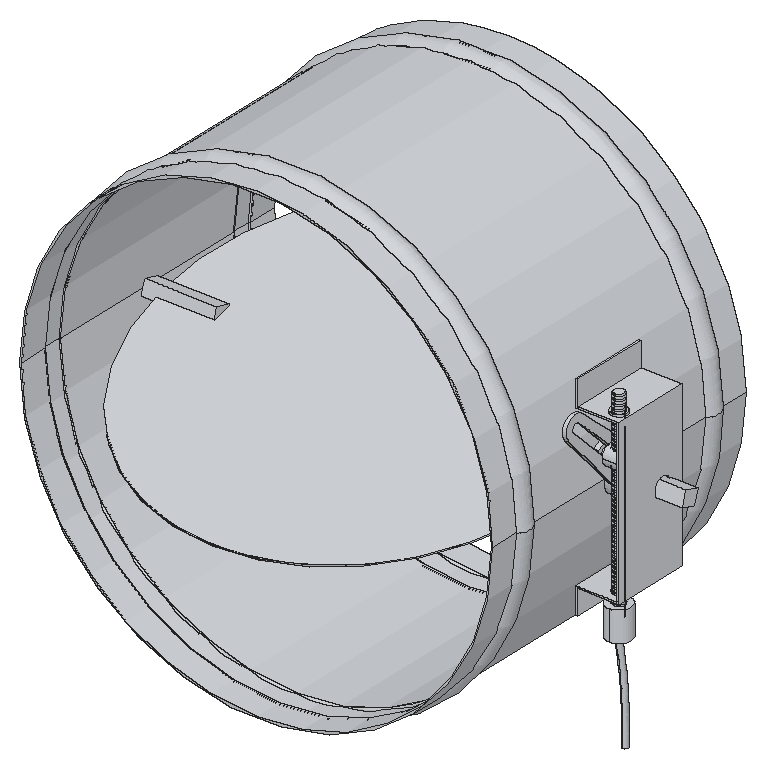
Revit family "RD-RC", category Mechanical Equipment, Revit 2015
Parameters
  Void Radius [instance] = Radius - 0' 0 5/256"  # 0' - 5 251/256"
  URL = "http://unitedenertech.com/catalog/pdf/E_15%20Model%20RD-RC.pdf"
  Type Comments = "Max. Size is (20\" Diameter)"
  Radius [instance] = 0.5 * Exact Diameter  # 0' - 6"
  Model = "RD-RC"
  Manufacturer = "United Enertech Corporation"
  Keynote = "Shaft options set to visibility parameters, correct shaft and size will appear when loaded into project."
  Inner Radius [instance] = Radius - 0' 0 9/256"  # 0' - 5 247/256"
  Exact Diameter = 1' - 0"
  Description = "Round Single Blade Twisting Cable System Damper"
  Depth = 0' - 8"
  Blade Radius [instance] = Inner Radius - 0' 0 3/8"  # 0' - 5 151/256"
  3/8" Pin Visibility [instance] = if(Exact Diameter < 1' 3 251/256", 2 > 1, 1 > 2)  # yes
  1/2" Shaft Visibility [instance] = if(Exact Diameter > 1' 3 251/256", 2 > 1, 1 > 2)  # no
Reference planes (in)
  plane 1 "Center (Front/Back)": y = 0
  plane 2: z = 0
  plane 3 "Center (Left/Right)": x = 0
  plane 4: x = -6
  plane 5: x = 6
  plane 6: y = 8
  plane 7: y = 7
  plane 8: y = 1
  plane 9: x = -6.6
  plane 10: x = -4.1
  plane 11: x = 4.1
  plane 12: x = 7.7908
  plane 13: x = 8.60359
Forms (in)
  Extrusion 1, solid
    sketch origin (0, 0, 0) x (1, 0, 0) y (0, 0, 1)
      loop
        circle (0, 0) r 6
      loop
        circle (0, 0) r 5.96484
    from 0 to -8
  Sweep 2, solid
    path origin (0, 1, 0) x (1, 0, 0) y (0, 0, 1)
      loop
        circle (0, 0) r 6
    profile "Bead Sweep : Bead Sweep" origin (0, 1, 6) x (0, 0, -1) y (0, -1, 0)
      loop
        arc (0, 0.279) -> (-0.12, 0) -> (0, -0.279) r 0.38434
        line (0, -0.279) -> (0, 0.279)
  Sweep 3, solid
    path origin (0, 7, 0) x (1, 0, 0) y (0, 0, 1)
      loop
        circle (0, 0) r 6
    profile "Bead Sweep : Bead Sweep" origin (0, 7, 6) x (0, 0, -1) y (0, -1, 0)
      loop
        arc (0, 0.279) -> (-0.12, 0) -> (0, -0.279) r 0.38434
        line (0, -0.279) -> (0, 0.279)
  Sweep 4, void
    path origin (0, 1, 0) x (1, 0, 0) y (0, 0, 1)
      loop
        circle (0, 0) r 5.98047
    profile "Bead Void Sweep : Bead Void Sweep" origin (0, 1, 5.98047) x (0, 0, -1) y (0, -1, 0)
      loop
        arc (0.15416, 0.3555) -> (-0.0841, 0) -> (0.15416, -0.3555) r 0.38434
        line (0.15416, -0.3555) -> (0.15416, 0.3555)
  Sweep 5, void
    path origin (0, 7, 0) x (1, 0, 0) y (0, 0, 1)
      loop
        circle (0, 0) r 5.98047
    profile "Bead Void Sweep : Bead Void Sweep" origin (0, 7, 5.98047) x (0, 0, -1) y (0, -1, 0)
      loop
        arc (0.15416, 0.3555) -> (-0.0841, 0) -> (0.15416, -0.3555) r 0.38434
        line (0.15416, -0.3555) -> (0.15416, 0.3555)
  Extrusion 6, solid
    sketch origin (0, 2.96472, 3.8637) x (1, 0, 0) y (0, 0.965926, 0.258819)
      loop
        circle (0, 0) r 5.58984
    from -4.01795 to -3.98205
  Extrusion 7, solid, visible <- "3/8" Pin Visibility"
    sketch origin (-15.25, -8.52876, 10.61619) x (0, 0.961262, -0.275637) y (0, 0.275637, 0.961262)
      loop
        line (15.15714, -6.93904) -> (15.15714, -6.56404) -> (14.78214, -6.56404) -> (14.78214, -6.93904) -> (15.15714, -6.93904)
    from 8.65 to 11.15
  Extrusion 8, solid, visible <- "3/8" Pin Visibility"
    sketch origin (11.25, -8.15063, 11.04697) x (0, 0.951057, -0.309017) y (0, 0.309017, 0.951057)
      loop
        line (15.15714, -6.93904) -> (15.15714, -6.56404) -> (14.78214, -6.56404) -> (14.78214, -6.93904) -> (15.15714, -6.93904)
    from -7.15 to -3.4592
  Extrusion 9, solid, visible <- "1/2" Shaft Visibility"
    sketch origin (0, 0, 0) x (0, 1, 0) y (0, 0, 1)
      loop
        circle (4, 0) r 0.25
    from -6.6 to 7.7908
Cuts and joins
  Sweep 4, Sweep 5 cuts Extrusion 1
  Sweep 5 cuts Sweep 2
Dimensions and locks (in)
  equal spacing: plane 4, plane 3 "Center (Left/Right)", plane 5
  "Exact Diameter": plane 4 to plane 5
  "Depth": plane 6 to plane 1 "Center (Front/Back)"
  locked: plane 8 to plane 1 "Center (Front/Back)" at 1
  locked: plane 6 to plane 7 at 1
  locked: plane 9 to plane 4 at 0.6
  locked: plane 4 to plane 10 at 1.9
  locked: plane 11 to plane 5 at 1.9
  locked: plane 13 to plane 12 at 0.81279
  locked: plane 5 to plane 12 at 1.7908
  "Inner Radius": radius of Extrusion 1 sketch curve
  "Radius": radius of Extrusion 1 sketch curve
  "Radius": radius of Sweep 2 sketch curve
  "Radius": radius of Sweep 3 sketch curve
  "Void Radius": radius of Sweep 4 sketch curve
  "Void Radius": radius of Sweep 5 sketch curve
  "Blade Radius": radius of Extrusion 6 sketch curve
  aligned and locked: level to plane 2
  aligned and locked: plane 6 to Extrusion 1
  aligned and locked: plane 1 "Center (Front/Back)" to Extrusion 1
  aligned and locked: plane 10 to Extrusion 7
  aligned and locked: plane 9 to Extrusion 7
  aligned and locked: plane 11 to Extrusion 8
  aligned and locked: plane 9 to Extrusion 9
  aligned and locked: plane 12 to Extrusion 9
  aligned and locked: plane 12 to Extrusion 8
  aligned and locked: nested 1 to plane 5
Automatic sketch dimensions
  Extrusion 9 sketch curve to level = 0' - 0"
  plane 7 to Extrusion 9 sketch curve = 0' - 3"
  Extrusion 7 sketch curve to level = 0' - 0.12855"
  Extrusion 7 sketch curve to plane 8 = 0' - 2.76808"
  Extrusion 7 sketch curve to Extrusion 7 sketch curve = 0' - 0 3/8"  (x2)
  Extrusion 8 sketch curve to level = 0' - 0.12038"
  Extrusion 8 sketch curve to plane 8 = 0' - 2.76374"
  Extrusion 8 sketch curve to Extrusion 8 sketch curve = 0' - 0 3/8"  (x2)
  Extrusion 1 sketch curve to Extrusion 1 sketch curve = 0' - 0"  (x2)
  Extrusion 1 sketch curve to level = 0' - 0"
  Extrusion 1 sketch curve to plane 3 "Center (Left/Right)" = 0' - 0"
  Sweep 2 sketch curve to level = 0' - 0"
  Sweep 2 sketch curve to plane 3 "Center (Left/Right)" = 0' - 0"
  Sweep 3 sketch curve to level = 0' - 0"
  Sweep 3 sketch curve to plane 3 "Center (Left/Right)" = 0' - 0"
  Sweep 4 sketch curve to level = 0' - 0"
  Sweep 4 sketch curve to plane 3 "Center (Left/Right)" = 0' - 0"
  Sweep 5 sketch curve to level = 0' - 0"
  Sweep 5 sketch curve to plane 3 "Center (Left/Right)" = 0' - 0"
  Extrusion 6 sketch curve to plane 3 "Center (Left/Right)" = 0' - 0"
  radius of Extrusion 9 sketch curve = 0' - 0 1/4"
Nested families (in)
  nested 1: "Twisting Cable Remote Controller" at (4.5478, 1.375, -3.8125) x (0, 1, 0) z (0, 0, 1), type "Twisting Cable Remote Controller"
Definition of nested family "Twisting Cable Remote Controller"
  Reference planes (in)
    plane 1 "Center (Front/Back)": y = 0
    plane 2: z = 0
    plane 3 "Center (Left/Right)": x = 0
  Forms (in)
    Extrusion 1, solid
      sketch origin (3.25, 0.77753, -2.67197) x (0, 0, 1) y (0, 1, 0)
        loop
          line (9.17197, -2.27753) -> (9.17197, -2.22973) -> (8.5001, -2.22973) -> (8.5001, -3.27085) -> (4.46885, -3.27085) -> (4.46885, -2.22973) -> (3.79697, -2.22973) -> (3.79697, -2.27753) -> (4.42197, -2.27753) -> (4.42197, -3.31773) -> (8.54697, -3.31773) -> (8.54697, -2.27753) -> (9.17197, -2.27753)
      from 0 to 2
    Extrusion 2, void
      sketch origin (0, 0, 0) x (1, 0, 0) y (0, 0, 1)
        loop
          circle (2.625, 3.8125) r 0.25
      from 2.2129 to 2.75
    Extrusion 3, solid
      sketch origin (1.0963, -0.06691, 0) x (1, 0, 0) y (0, 1, 0)
        loop
          circle (0.50222, -2.19637) r 0.12619
      from 1.22543 to 6.33488
    Extrusion 4, solid
      sketch origin (1.0963, -0.06691, 0) x (1, 0, 0) y (0, 1, 0)
        loop
          circle (0.50222, -2.19637) r 0.14302
      from 6.24722 to 6.29118
    Extrusion 5, solid
      sketch origin (3.12492, -2.07462, 1.54466) x (1, 0, 0) y (0, 0, 1)
        loop
          circle (-1.52717, 3.29503) r 0.25
      from -0.02967 to 0.39863
    Extrusion 6, void
      sketch origin (3.12492, -0.06725, 1.54466) x (1, 0, 0) y (0, 1, 0)
        loop
          circle (-1.52717, -2.19637) r 0.15291
      from 3.01275 to 3.62791
    Extrusion 7, solid
      sketch origin (3.12492, -2.07462, 1.54466) x (1, 0, 0) y (0, 0, 1)
        loop
          circle (-1.52717, 3.29503) r 0.125
      from -0.02967 to -0.16901
    Extrusion 8, solid
      sketch origin (1.0963, -0.06691, -0.11555) x (1, 0, 0) y (0, 1, 0)
        loop
          circle (0.50222, -2.19637) r 0.14302
      from 6.24722 to 6.29118
    Extrusion 9, solid
      sketch origin (1.0963, -0.06691, -0.2311) x (1, 0, 0) y (0, 1, 0)
        loop
          circle (0.50222, -2.19637) r 0.14302
      from 6.24722 to 6.29118
    Extrusion 10, solid
      sketch origin (1.0963, -0.06691, -0.34666) x (1, 0, 0) y (0, 1, 0)
        loop
          circle (0.50222, -2.19637) r 0.14302
      from 6.24722 to 6.29118
    Extrusion 11, solid
      sketch origin (1.0963, -0.06691, -0.46221) x (1, 0, 0) y (0, 1, 0)
        loop
          circle (0.50222, -2.19637) r 0.14302
      from 6.24722 to 6.29118
    Extrusion 12, solid
      sketch origin (1.0963, -0.06691, -0.57776) x (1, 0, 0) y (0, 1, 0)
        loop
          circle (0.50222, -2.19637) r 0.14302
      from 6.24722 to 6.29118
    Extrusion 13, solid
      sketch origin (1.0963, -0.06691, -0.69331) x (1, 0, 0) y (0, 1, 0)
        loop
          circle (0.50222, -2.19637) r 0.14302
      from 6.24722 to 6.29118
    Extrusion 14, solid
      sketch origin (1.0963, -0.06691, -0.80887) x (1, 0, 0) y (0, 1, 0)
        loop
          circle (0.50222, -2.19637) r 0.14302
      from 6.24722 to 6.29118
    Extrusion 15, solid
      sketch origin (1.0963, -0.06691, -0.92442) x (1, 0, 0) y (0, 1, 0)
        loop
          circle (0.50222, -2.19637) r 0.14302
      from 6.24722 to 6.29118
    Extrusion 16, solid
      sketch origin (1.0963, -0.06691, -1.03997) x (1, 0, 0) y (0, 1, 0)
        loop
          circle (0.50222, -2.19637) r 0.14302
      from 6.24722 to 6.29118
    Extrusion 17, solid
      sketch origin (1.0963, -0.06691, -1.15552) x (1, 0, 0) y (0, 1, 0)
        loop
          circle (0.50222, -2.19637) r 0.14302
      from 6.24722 to 6.29118
    Extrusion 18, solid
      sketch origin (1.0963, -0.06691, -1.27108) x (1, 0, 0) y (0, 1, 0)
        loop
          circle (0.50222, -2.19637) r 0.14302
      from 6.24722 to 6.29118
    Extrusion 19, solid
      sketch origin (1.0963, -0.06691, -1.38663) x (1, 0, 0) y (0, 1, 0)
        loop
          circle (0.50222, -2.19637) r 0.14302
      from 6.24722 to 6.29118
    Extrusion 20, solid
      sketch origin (1.0963, -0.06691, -1.50218) x (1, 0, 0) y (0, 1, 0)
        loop
          circle (0.50222, -2.19637) r 0.14302
      from 6.24722 to 6.29118
    Extrusion 21, solid
      sketch origin (1.0963, -0.06691, -1.61773) x (1, 0, 0) y (0, 1, 0)
        loop
          circle (0.50222, -2.19637) r 0.14302
      from 6.24722 to 6.29118
    Extrusion 22, solid
      sketch origin (1.0963, -0.06691, -1.73329) x (1, 0, 0) y (0, 1, 0)
        loop
          circle (0.50222, -2.19637) r 0.14302
      from 6.24722 to 6.29118
    Extrusion 23, solid
      sketch origin (1.0963, -0.06691, -1.84884) x (1, 0, 0) y (0, 1, 0)
        loop
          circle (0.50222, -2.19637) r 0.14302
      from 6.24722 to 6.29118
    Extrusion 24, solid
      sketch origin (1.0963, -0.06691, -1.96439) x (1, 0, 0) y (0, 1, 0)
        loop
          circle (0.50222, -2.19637) r 0.14302
      from 6.24722 to 6.29118
    Extrusion 25, solid
      sketch origin (1.0963, -0.06691, -2.07994) x (1, 0, 0) y (0, 1, 0)
        loop
          circle (0.50222, -2.19637) r 0.14302
      from 6.24722 to 6.29118
    Extrusion 26, solid
      sketch origin (1.0963, -0.06691, -2.1955) x (1, 0, 0) y (0, 1, 0)
        loop
          circle (0.50222, -2.19637) r 0.14302
      from 6.24722 to 6.29118
    Extrusion 27, solid
      sketch origin (1.0963, -0.06691, -2.31105) x (1, 0, 0) y (0, 1, 0)
        loop
          circle (0.50222, -2.19637) r 0.14302
      from 6.24722 to 6.29118
    Extrusion 28, solid
      sketch origin (1.0963, -0.06691, -2.4266) x (1, 0, 0) y (0, 1, 0)
        loop
          circle (0.50222, -2.19637) r 0.14302
      from 6.24722 to 6.29118
    Extrusion 29, solid
      sketch origin (1.0963, -0.06691, -2.54215) x (1, 0, 0) y (0, 1, 0)
        loop
          circle (0.50222, -2.19637) r 0.14302
      from 6.24722 to 6.29118
    Extrusion 30, solid
      sketch origin (1.0963, -0.06691, -2.65771) x (1, 0, 0) y (0, 1, 0)
        loop
          circle (0.50222, -2.19637) r 0.14302
      from 6.24722 to 6.29118
    Extrusion 31, solid
      sketch origin (1.0963, -0.06691, -2.77326) x (1, 0, 0) y (0, 1, 0)
        loop
          circle (0.50222, -2.19637) r 0.14302
      from 6.24722 to 6.29118
    Extrusion 32, solid
      sketch origin (1.0963, -0.06691, -2.88881) x (1, 0, 0) y (0, 1, 0)
        loop
          circle (0.50222, -2.19637) r 0.14302
      from 6.24722 to 6.29118
    Extrusion 33, solid
      sketch origin (1.0963, -0.06691, -3.00436) x (1, 0, 0) y (0, 1, 0)
        loop
          circle (0.50222, -2.19637) r 0.14302
      from 6.24722 to 6.29118
    Extrusion 34, solid
      sketch origin (1.0963, -0.06691, -3.11992) x (1, 0, 0) y (0, 1, 0)
        loop
          circle (0.50222, -2.19637) r 0.14302
      from 6.24722 to 6.29118
    Extrusion 35, solid
      sketch origin (1.0963, -0.06691, -3.23547) x (1, 0, 0) y (0, 1, 0)
        loop
          circle (0.50222, -2.19637) r 0.14302
      from 6.24722 to 6.29118
    Extrusion 36, solid
      sketch origin (1.0963, -0.06691, -3.35102) x (1, 0, 0) y (0, 1, 0)
        loop
          circle (0.50222, -2.19637) r 0.14302
      from 6.24722 to 6.29118
    Extrusion 37, solid
      sketch origin (1.0963, -0.06691, -3.46657) x (1, 0, 0) y (0, 1, 0)
        loop
          circle (0.50222, -2.19637) r 0.14302
      from 6.24722 to 6.29118
    Extrusion 38, solid
      sketch origin (1.0963, -0.06691, -3.58213) x (1, 0, 0) y (0, 1, 0)
        loop
          circle (0.50222, -2.19637) r 0.14302
      from 6.24722 to 6.29118
    Extrusion 39, solid
      sketch origin (1.0963, -0.06691, -3.69768) x (1, 0, 0) y (0, 1, 0)
        loop
          circle (0.50222, -2.19637) r 0.14302
      from 6.24722 to 6.29118
    Extrusion 40, solid
      sketch origin (1.0963, -0.06691, -3.81323) x (1, 0, 0) y (0, 1, 0)
        loop
          circle (0.50222, -2.19637) r 0.14302
      from 6.24722 to 6.29118
    Extrusion 41, solid
      sketch origin (1.0963, -0.06691, -3.92878) x (1, 0, 0) y (0, 1, 0)
        loop
          circle (0.50222, -2.19637) r 0.14302
      from 6.24722 to 6.29118
    Extrusion 42, solid
      sketch origin (1.0963, -0.06691, -4.04434) x (1, 0, 0) y (0, 1, 0)
        loop
          circle (0.50222, -2.19637) r 0.14302
      from 6.24722 to 6.29118
    Extrusion 43, solid
      sketch origin (1.0963, -0.06691, -4.15989) x (1, 0, 0) y (0, 1, 0)
        loop
          circle (0.50222, -2.19637) r 0.14302
      from 6.24722 to 6.29118
    Extrusion 44, solid
      sketch origin (1.0963, -0.06691, -4.27544) x (1, 0, 0) y (0, 1, 0)
        loop
          circle (0.50222, -2.19637) r 0.14302
      from 6.24722 to 6.29118
    Extrusion 45, solid
      sketch origin (1.0963, -0.06691, -4.39099) x (1, 0, 0) y (0, 1, 0)
        loop
          circle (0.50222, -2.19637) r 0.14302
      from 6.24722 to 6.29118
    Extrusion 46, solid
      sketch origin (1.0963, -0.06691, -4.50655) x (1, 0, 0) y (0, 1, 0)
        loop
          circle (0.50222, -2.19637) r 0.14302
      from 6.24722 to 6.29118
    Extrusion 47, solid
      sketch origin (1.0963, -0.06691, -4.6221) x (1, 0, 0) y (0, 1, 0)
        loop
          circle (0.50222, -2.19637) r 0.14302
      from 6.24722 to 6.29118
    Extrusion 48, solid
      sketch origin (1.0963, -0.06691, -4.73765) x (1, 0, 0) y (0, 1, 0)
        loop
          circle (0.50222, -2.19637) r 0.14302
      from 6.24722 to 6.29118
    Extrusion 49, solid
      sketch origin (1.0963, -0.06691, -4.8532) x (1, 0, 0) y (0, 1, 0)
        loop
          circle (0.50222, -2.19637) r 0.14302
      from 6.24722 to 6.29118
    Extrusion 50, solid
      sketch origin (1.0963, -0.06691, -4.96876) x (1, 0, 0) y (0, 1, 0)
        loop
          circle (0.50222, -2.19637) r 0.14302
      from 6.24722 to 6.29118
    Extrusion 51, solid
      sketch origin (-7.79124, -1.93477, 1.74952) x (1, 0, 0) y (0, 0, 1)
        loop
          arc (8.53426, 4.37104) -> (8.11019, 4.3531) -> (8.09518, 3.9289) r 0.3125
          line (8.09518, 3.9289) -> (8.97874, 2.93161) -> (10.03746, 1.7366)
          arc (10.03746, 1.7366) -> (10.77101, 1.71066) -> (10.73998, 2.44402) r 0.5
          line (10.73998, 2.44402) -> (8.97874, 3.98273) -> (8.53426, 4.37104)
        loop
          arc (8.42707, 4.22161) -> (8.24323, 4.22098) -> (8.24386, 4.03713) r 0.13
          line (8.24386, 4.03713) -> (8.97874, 3.30733) -> (9.74457, 2.54679)
          arc (9.74457, 2.54679) -> (9.92842, 2.54743) -> (9.92778, 2.73128) r 0.13
          line (9.92778, 2.73128) -> (8.97874, 3.67376) -> (8.42707, 4.22161)
        loop
          circle (10.41624, 2.06298) r 0.3125
      from 0 to 0.09
    Extrusion 52, solid
      sketch origin (-9.87435, -1.43477, 1.74952) x (1, 0, 0) y (0, 0, 1)
        loop
          circle (12.49935, 2.06298) r 0.5
        loop
          circle (12.49935, 2.06298) r 0.25
      from 0.01743 to 0.5
    Extrusion 53, solid
      sketch origin (0, -1.78061, 0) x (1, 0, 0) y (0, 0, 1)
        loop
          line (1.41102, 4.72603) -> (1.59852, 4.61778) -> (1.78602, 4.72603) -> (1.78602, 4.94254) -> (1.59852, 5.05079) -> (1.41102, 4.94254) -> (1.41102, 4.72603)
      from 0 to 0.125
    Extrusion 54, void
      sketch origin (0, 0, 0) x (1, 0, 0) y (0, 1, 0)
        loop
          circle (1.59852, -2.26327) r 0.15208
      from 1.66908 to 6.5
    Extrusion 55, solid
      sketch origin (-2.75, 0, 1.71025) x (1, 0, 0) y (0, 1, 0)
        loop
          circle (4.34852, -2.26327) r 0.19908
      from 0 to 0.03975
    Extrusion 56, solid
      sketch origin (-2.75, 0, 1.75) x (1, 0, 0) y (0, 1, 0)
        loop
          circle (4.34852, -2.26327) r 0.15591
      from 0 to 0.075
    Extrusion 57, void
      sketch origin (-2.75, 0, 0) x (1, 0, 0) y (0, 1, 0)
        loop
          circle (4.34852, -2.26327) r 0.12619
      from 1.68939 to 1.83522
    Extrusion 58, solid
      sketch origin (-2.75, 0, 5.875) x (0, -1, 0) y (1, 0, 0)
        loop
          circle (2.26327, 4.34852) r 0.19908
      from 0 to 0.03975
    Extrusion 59, solid
      sketch origin (-2.75, 0, 5.8) x (0, -1, 0) y (1, 0, 0)
        loop
          circle (2.26327, 4.34852) r 0.15591
      from 0 to 0.075
    Extrusion 60, solid
      sketch origin (0, 0, 0.7875) x (1, 0, 0) y (0, 1, 0)
        loop
          circle (1.59852, -2.26327) r 0.15591
        loop
          circle (1.59852, -2.26327) r 0.30572
      from 0 to 0.75
    Sweep 61, solid
      path in 3D
        loop
          spline (1.58593, -2.25, 0.98408) -> (1.59501, -2.25, 0.77809) -> (1.6201, -2.25, 0.61024) -> (1.65216, -2.25, 0.44412) -> (1.6863, -2.25, 0.26253) -> (1.72006, -2.25, 0.05959) -> (1.751, -2.25, -0.17045) -> (1.77669, -2.25, -0.43331) -> (1.79493, -2.25, -0.73277) -> (1.80601, -2.25, -1.05184) -> (1.8117, -2.25, -1.36104) -> (1.81379, -2.25, -1.63069) -> (1.81409, -2.25, -1.83114)
      profile origin (1.751, -2.25, -0.17045) x (0.993227, 0, 0.116194) y (0, -1, 0)
        loop
          circle (0, 0) r 0.06993
    Extrusion 62, solid
      sketch origin (0, 0, 0) x (1, 0, 0) y (0, 1, 0)
        loop
          circle (1.59852, -2.26327) r 0.15591
      from 0.90927 to 0.7875
  Cuts and joins
    Extrusion 2, Extrusion 54 cuts Extrusion 1
    joined: Extrusion 3, Extrusion 4
    Extrusion 6 cuts Extrusion 5
    Extrusion 57 cuts Extrusion 55
    Extrusion 57 cuts Extrusion 56
  Lines and regions (in)
    sketch lines
      curve 1: spline (1.58593, -2.25, 0.98408) -> (1.59501, -2.25, 0.77809) -> (1.6201, -2.25, 0.61024) -> (1.65216, -2.25, 0.44412) -> (1.6863, -2.25, 0.26253) -> (1.72006, -2.25, 0.05959) -> (1.751, -2.25, -0.17045) -> (1.77669, -2.25, -0.43331) -> (1.79493, -2.25, -0.73277) -> (1.80601, -2.25, -1.05184) -> (1.8117, -2.25, -1.36104) -> (1.81379, -2.25, -1.63069) -> (1.81409, -2.25, -1.83114)
  Dimensions and locks (in)
    aligned and locked: level to plane 2
